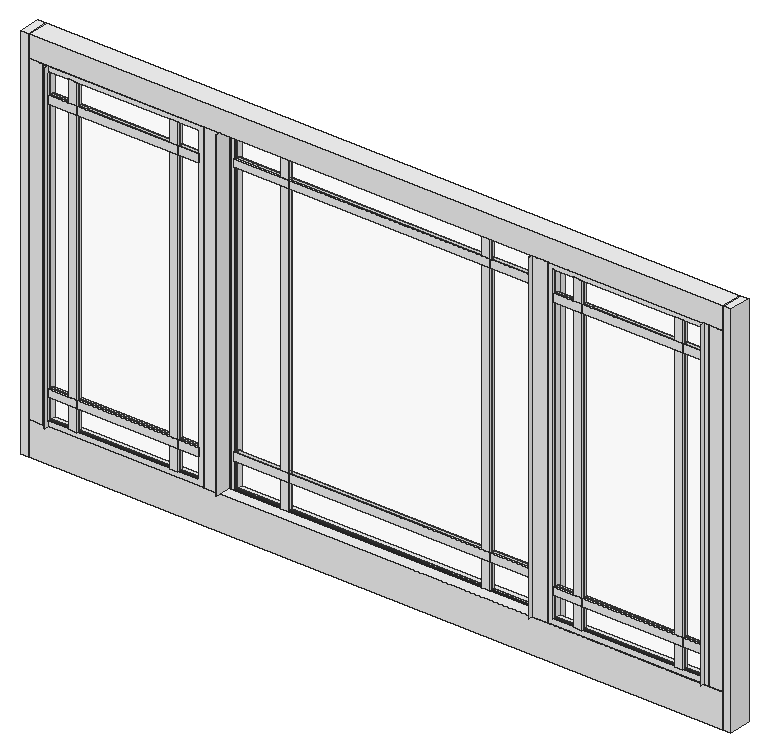
Revit family "Horizontal_Roller-PGT-Aluminum-HR710-XOX-Unequald", category Windows, host Wall, Revit 2015
Parameters (values of type "Refer to Type Catalog")
  Width Calc Center = Width - (Width Calc + 6.755") * 2  # 38.245"
  Width Calc = if(Equal Spacing, (Width - 13.51") / 3, (Width - 13.51") / 4)  # 19.1225"
  URL = "http://www.pgtindustries.com/"
  Type Comments = "XOX - Unequal"  # constant formula
  Rough Width = Width  # 90"
  Rough Height = Height  # 48"
  Product Style Guide = "http://www.pgtindustries.com/pro-zone/architect/download?destination=node/97061"
  Product Page URL = "http://www.pgtindustries.com/product-overview/horizontal-roller-hr710-winguardr-aluminum-horizontal-roller-impact-resistant"
  Model = "HR710"  # constant formula
  Minimum Size = "66 3/4” x 14 5/8” OR 42” x 20 13/16”"  # constant formula
  Maximum Size = "111” x 63”"  # constant formula
  Manufacturer = "PGT Industries"  # constant formula
  Height Calc Center = Height - 7.058"  # 40.942"
  Height Calc = Height - 8.308"  # 39.692"
  Height = 48"
  Grid Type Right = Face_Based_Mullion_ 401 : BP
  Grid Type Left = Face_Based_Mullion_ 401 : BP
  Grid Type = Face_Based_Mullion_ 401 : BP
  Grid Layout Note = "To edit the grid layout ensure the 'Grid' parameter is turned on and then select an option from the 'Grid Type', 'Grid Type Left' & 'Grid Type Right' drop downs.  Please refer to the 'Product Style Guide' for standard configurations and restrictions."  # constant formula
  Grid = yes
  Finish = Metal - PGT - Paint - White
  Equal Spacing = no
  Description = "Horizontal Roller"  # constant formula
  Default Sill Height = 36"
  Wall Closure = By host
  Width = 90"
  Custom Design Note = "The types included show default grid/size configurations.  Please reference the 'Product Style Guide' to see all standard configurations and restrictions before creating custom designs.  Please contact PGT Industries with any questions regarding custom designs."  # constant formula
  Color Glass = Glass - PGT - Clear
  BP Calc Center = Width Calc / 6 + 5/8"  # 3.81208"
  BP Calc = Width Calc / 6  # 3.18708"
  Assembly Code = "B2020110"
  Analytic Construction = "<None>"
Reference planes (in)
  plane 1 "Center (Front/Back)": y = 0
  plane 2: z = 0
  plane 3 "Center (Left/Right)": x = 0
  plane 4 "Left": x = -45
  plane 5 "Right": x = 45
  plane 6 "Sill": z = 36
  plane 7 "Top": z = 84
  plane 8: x = 42.161
  plane 9: x = -19.1225
  plane 10: x = 21.7885
  plane 11: x = 19.1225
  plane 12: z = 82.001
  plane 13: z = 81.25
  plane 14: z = 40.308
  plane 15: z = 39.652
  plane 16 "Exterior Face of Wall": y = 3
  plane 17 "Exteior Face of Window": y = 3.062
  plane 18 "Interior Face of Window": y = 0.352
  plane 19: y = 0.414
  plane 20: x = 43.963
  plane 21: x = -19.7475
  plane 22: x = 22.4135
  plane 23: x = 19.7475
  plane 24: x = -42.161
  plane 25: x = -43.963
  plane 26: x = -21.7885
  plane 27: x = -22.4135
  plane 28: x = 41.536
  plane 29: x = -41.536
  plane 30: z = 40.933
  plane 31: z = 80.625
  plane 32: z = 81.875
  plane 33 "Exterior Face of Glass RL": y = 0.68949
  plane 34 "Exterior Face of Glass Center": y = 2.353
  plane 35: x = -31.97475
  plane 36: x = 31.97475
  plane 37: z = 60.779
  plane 38: y = -0.148
Forms (in)
  Sweep 1, solid, material "Metal - PGT - Paint - White" <- "Finish"
    path origin (0, 3, 0) x (-1, 0, 0) y (0, 0, 1)
      loop
        line (-19.1225, 81.25) -> (-19.1225, 40.308) -> (19.1225, 40.308) -> (19.1225, 81.25) -> (-19.1225, 81.25)
    profile "Profile-Sash : Profile-Sash" origin (0, 3, 81.25) x (0, 0, 1) y (0, 1, 0)
      loop
        line (0, 0) -> (0, -0.647) -> (0.503, -0.647) -> (0.503, -1.048) -> (0, -1.048) -> (0, -1.12299) -> (0.625, -1.12299) -> (0.625, 0) -> (0, 0)
  Sweep 2, solid, material "Metal - PGT - Paint - White" <- "Finish"
    path origin (-86.82032, 0.414, 48) x (-1, 0, 0) y (0, 0, 1)
      loop
        line (-108.60882, 33.25) -> (-128.98132, 33.25) -> (-128.98132, -7.692) -> (-108.60882, -7.692) -> (-108.60882, 33.25)
    profile "Profile-Sash_Inside : Profile-Sash_Inside" origin (31.97475, 0.414, 81.25) x (0, 0, -1) y (0, 1, 0)
      loop
        line (0.625, 1.12299) -> (0, 1.12299) -> (0, 0) -> (0.625, 0) -> (0.625, 0.07499) -> (0.122, 0.07499) -> (0.122, 0.47599) -> (0.625, 0.47599) -> (0.625, 1.12299)
  Extrusion 3, solid, material "Glass - PGT - Clear" <- "Color Glass"
    sketch origin (21.7885, 9, -12) x (0, 0, -1) y (0, 1, 0)
      loop
        line (-92.625, -8.51101) -> (-52.933, -8.51101) -> (-52.933, -8.38601) -> (-92.625, -8.38601) -> (-92.625, -8.51101)
      loop
        line (-52.933, -8.11001) -> (-92.625, -8.11001) -> (-92.625, -8.23501) -> (-52.933, -8.23501) -> (-52.933, -8.11001)
    from 0.625 to 19.7475
  Extrusion 4, solid, material "Metal - PGT - Paint - White" <- "Finish"
    sketch origin (0, 0, 36) x (0, -1, 0) y (1, 0, 0)
      loop
        line (-3.062, 45) -> (-3.062, 43.963) -> (-0.352, 43.963) -> (-0.352, 45) -> (-3.062, 45)
      loop
        line (-3.062, -45) -> (-0.352, -45) -> (-0.352, -43.963) -> (-3.062, -43.963) -> (-3.062, -45)
    from 0 to 48
  Extrusion 5, solid, material "Glass - PGT - Clear" <- "Color Glass"
    sketch origin (-19.1225, 9, 156) x (0, 0, 1) y (0, 1, 0)
      loop
        line (-74.75, -7.048) -> (-74.75, -6.923) -> (-115.692, -6.923) -> (-115.692, -7.048) -> (-74.75, -7.048)
      loop
        line (-74.75, -6.647) -> (-115.692, -6.647) -> (-115.692, -6.772) -> (-74.75, -6.772) -> (-74.75, -6.647)
    from 0 to -38.245
  Extrusion 6, solid, material "Metal - PGT - Paint - White" <- "Finish"
    sketch origin (0, 0, 0) x (0, 1, 0) y (0, 0, 1)
      loop
        line (3.062, 84) -> (0.352, 84) -> (0.352, 81.25) -> (1.87701, 81.25) -> (1.87701, 81.875) -> (3.062, 81.875) -> (3.062, 84)
    from -43.963 to 43.963
  Extrusion 7, solid, material "Metal - PGT - Paint - White" <- "Finish"
    sketch origin (0, 0, 0) x (0, 1, 0) y (0, 0, 1)
      loop
        line (0.352, 36) -> (3.062, 36) -> (3.062, 39.683) -> (1.87701, 39.683) -> (1.87701, 40.308) -> (0.352, 40.308) -> (0.352, 36)
    from -43.963 to 43.963
  Extrusion 8, solid, material "Metal - PGT - Paint - White" <- "Finish"
    sketch origin (0, 0, 36) x (0, -1, 0) y (1, 0, 0)
      loop
        line (-3.062, 21.7885) -> (-3.062, 19.7475) -> (-1.87701, 19.7475) -> (-1.87701, 21.7885) -> (-3.062, 21.7885)
    from 3.683 to 45.875
  Extrusion 9, solid, material "Metal - PGT - Paint - White" <- "Finish"
    sketch origin (0, 0, 36) x (0, -1, 0) y (1, 0, 0)
      loop
        line (-1.87701, 19.7475) -> (0.148, 19.7475) -> (0.148, 19.8075) -> (-0.352, 19.8075) -> (-0.352, 21.7885) -> (-1.87701, 21.7885) -> (-1.87701, 19.7475)
      loop
        line (-1.87701, 43.963) -> (-1.87701, 42.50102)
        arc (-1.87701, 42.50102) -> (-1.77742, 42.26059) -> (-1.53699, 42.161) r 0.34002
        line (-1.53699, 42.161) -> (-0.414, 42.161) -> (-0.414, 41.536) -> (0.148, 41.536) -> (0.148, 41.596) -> (-0.352, 41.596) -> (-0.352, 43.963) -> (-1.87701, 43.963)
    from 4.308 to 45.25
  Sweep 10, solid, material "Metal - PGT - Paint - White" <- "Finish"
    path origin (86.82032, 0.414, 48) x (1, 0, 0) y (0, 0, -1)
      loop
        line (-108.60882, -33.25) -> (-108.60882, 7.692) -> (-128.98132, 7.692) -> (-128.98132, -33.25) -> (-108.60882, -33.25)
    profile "Profile-Sash_Inside : Profile-Sash_Inside" origin (-31.97475, 0.414, 81.25) x (0, 0, 1) y (0, 1, 0)
      loop
        line (-0.625, 1.12299) -> (-0.625, 0.47599) -> (-0.122, 0.47599) -> (-0.122, 0.07499) -> (-0.625, 0.07499) -> (-0.625, 0) -> (0, 0) -> (0, 1.12299) -> (-0.625, 1.12299)
  Extrusion 11, solid, material "Metal - PGT - Paint - White" <- "Finish"
    sketch origin (0, 0, 36) x (0, -1, 0) y (1, 0, 0)
      loop
        line (-3.062, -21.7885) -> (-1.87701, -21.7885) -> (-1.87701, -19.7475) -> (-3.062, -19.7475) -> (-3.062, -21.7885)
    from 3.683 to 45.875
  Extrusion 12, solid, material "Metal - PGT - Paint - White" <- "Finish"
    sketch origin (0, 0, 36) x (0, -1, 0) y (1, 0, 0)
      loop
        line (-1.87701, -19.7475) -> (-1.87701, -21.7885) -> (-0.352, -21.7885) -> (-0.352, -19.8075) -> (0.148, -19.8075) -> (0.148, -19.7475) -> (-1.87701, -19.7475)
      loop
        line (-1.87701, -43.963) -> (-0.352, -43.963) -> (-0.352, -41.596) -> (0.148, -41.596) -> (0.148, -41.536) -> (-0.414, -41.536) -> (-0.414, -42.161) -> (-1.53699, -42.161)
        arc (-1.53699, -42.161) -> (-1.77742, -42.26059) -> (-1.87701, -42.50102) r 0.34002
        line (-1.87701, -42.50102) -> (-1.87701, -43.963)
    from 4.308 to 45.25
  Extrusion 13, solid, material "Glass - PGT - Clear" <- "Color Glass"
    sketch origin (-12.41433, 9, -12) x (0, 0, -1) y (0, -1, 0)
      loop
        line (-92.625, 8.51101) -> (-92.625, 8.38601) -> (-52.933, 8.38601) -> (-52.933, 8.51101) -> (-92.625, 8.51101)
      loop
        line (-52.933, 8.11001) -> (-52.933, 8.23501) -> (-92.625, 8.23501) -> (-92.625, 8.11001) -> (-52.933, 8.11001)
    from 9.99917 to 29.12167
Lines and regions (in)
  Opening 1
    outline origin (-60, -3, 0) x (1, 0, 0) y (0, 0, 1)
      loop
        line (15, 84) -> (15, 36) -> (105, 36) -> (105, 84) -> (15, 84)
  Masking region 1
    outline origin (0, 0, 36) x (0, -1, 0) y (1, 0, 0)
      loop
        line (-3.062, -45) -> (-0.352, -45) -> (-0.352, 45) -> (-3.062, 45) -> (-3.062, -45)
  Split face 1
    outline origin (0, 1.812, 40.308) x (0, -1, 0) y (1, 0, 0)
      loop
        line (0.27501, -43.963) -> (0.27501, 43.963)
  Split face 2
    outline origin (21.7885, 0.352, 36) x (0, 1, 0) y (0, 0, 1)
      loop
        line (1.18486, 4.308) -> (1.18486, 45.25)
  Split face 3
    outline origin (0, 1.812, 40.308) x (0, -1, 0) y (1, 0, 0)
      loop
        line (0.27501, -19.7475) -> (-0.06501, -19.7475) -> (-0.06501, 19.7475) -> (0.27501, 19.7475)
Text (in)
  text "EXTERIOR" at (-58.6888, 50.90694, 0), in view "Ref. Level"
  text "INTERIOR" at (-58.6888, -37.76638, 0), in view "Ref. Level"
  text "Exterior" at (0, 43.65631, 123.19604), in view "Left"
  text "Exterior" at (0, 18.29385, 125.04747), in view "Right"
Dimensions and locks (in)
  equal spacing: plane 4 "Left", plane 3 "Center (Left/Right)", plane 5 "Right"
  "Width": plane 4 "Left" to plane 5 "Right"
  "Height": plane 6 "Sill" to plane 7 "Top"
  "Default Sill Height": plane 2 to plane 6 "Sill"
  locked: plane 8 to plane 5 "Right" at 2.839
  locked: plane 13 to plane 7 "Top" at 2.75
  locked: plane 13 to plane 12 at 0.751
  locked: plane 6 "Sill" to plane 14 at 4.308
  plane 15 to plane 14 = 0.656"
  locked: plane 17 "Exteior Face of Window" to plane 16 "Exterior Face of Wall" at 0.062
  locked: plane 17 "Exteior Face of Window" to plane 18 "Interior Face of Window" at 2.71
  locked: plane 19 to plane 18 "Interior Face of Window" at 0.062
  locked: plane 10 to plane 11 at 2.666
  locked: plane 20 to plane 5 "Right" at 1.037
  locked: plane 22 to plane 10 at 0.625
  locked: plane 21 to plane 9 at 0.625
  locked: plane 23 to plane 11 at 0.625
  locked: plane 27 to plane 26 at 0.625
  locked: plane 24 to plane 4 "Left" at 2.839
  locked: plane 25 to plane 4 "Left" at 1.037
  locked: plane 28 to plane 8 at 0.625
  locked: plane 29 to plane 24 at 0.625
  locked: plane 26 to plane 9 at 2.666
  "Width Calc": plane 22 to plane 28
  "Width Calc": plane 29 to plane 27
  locked: plane 31 to plane 13 at 0.625
  locked: plane 14 to plane 30 at 0.625
  locked: plane 32 to plane 12 at 0.126
  plane 17 "Exteior Face of Window" to plane 34 "Exterior Face of Glass Center" to plane 33 "Exterior Face of Glass RL" = 0.709" locked, 1.66351" locked
  equal spacing: plane 22, plane 36, plane 28
  equal spacing: plane 29, plane 35, plane 27
  equal spacing: plane 30, plane 37, plane 31
  locked: plane 18 "Interior Face of Window" to plane 38 at 0.5
  aligned and locked: plane 7 "Top" to Opening 1 sketch curve
  aligned and locked: plane 6 "Sill" to Opening 1 sketch curve  (x2)
  aligned and locked: plane 5 "Right" to Opening 1 sketch curve
  aligned and locked: plane 4 "Left" to Opening 1 sketch curve
  aligned and locked: level to plane 2
  aligned and locked: plane 16 "Exterior Face of Wall" to host wall
  aligned and locked: plane 13 to Sweep 1 sketch curve
  aligned and locked: Sweep 1 sketch curve to plane 11
  aligned and locked: Sweep 1 sketch curve to plane 14
  aligned and locked: Sweep 1 sketch curve to plane 9
  aligned and locked: Sweep 2 sketch curve to plane 13
  aligned and locked: Sweep 2 sketch curve to plane 10
  aligned and locked: plane 14 to Sweep 2 sketch curve
  aligned and locked: Sweep 2 sketch curve to plane 8
  aligned and locked: Sweep 2 to Extrusion 3 sketch curve  (x4)
  aligned and locked: Extrusion 4 sketch curve to plane 17 "Exteior Face of Window"
  aligned and locked: plane 5 "Right" to Extrusion 4 sketch curve
  aligned and locked: plane 18 "Interior Face of Window" to Extrusion 4 sketch curve
  aligned and locked: Extrusion 4 sketch curve to plane 20
  aligned and locked: plane 17 "Exteior Face of Window" to Extrusion 4 sketch curve
  aligned and locked: Extrusion 4 sketch curve to plane 18 "Interior Face of Window"
  aligned and locked: Extrusion 5 sketch curve to Sweep 1  (x2)
  aligned and locked: plane 14 to Extrusion 5 sketch curve
  aligned and locked: Sweep 1 to Extrusion 5 sketch curve  (x2)
  aligned and locked: Extrusion 5 sketch curve to plane 14
  aligned and locked: plane 11 to Extrusion 5
  aligned and locked: Extrusion 3 to Sweep 2  (x3)
  aligned and locked: Extrusion 6 sketch curve to Sweep 1  (x2)
  aligned and locked: plane 7 "Top" to Extrusion 6 sketch curve
  aligned and locked: Extrusion 6 sketch curve to plane 17 "Exteior Face of Window"
  aligned and locked: plane 18 "Interior Face of Window" to Extrusion 6 sketch curve
  aligned and locked: Extrusion 6 sketch curve to plane 13
  aligned and locked: Extrusion 6 to plane 20
  aligned and locked: plane 6 "Sill" to Extrusion 7 sketch curve
  aligned and locked: plane 17 "Exteior Face of Window" to Extrusion 7 sketch curve
  aligned and locked: plane 14 to Extrusion 7 sketch curve
  aligned and locked: Extrusion 7 sketch curve to plane 18 "Interior Face of Window"
  aligned and locked: Extrusion 7 to plane 20
  aligned and locked: Extrusion 7 sketch curve to Sweep 1  (x2)
  aligned and locked: Extrusion 8 sketch curve to Extrusion 7
  aligned and locked: Extrusion 8 sketch curve to Sweep 1
  aligned and locked: plane 10 to Extrusion 8 sketch curve
  aligned and locked: plane 17 "Exteior Face of Window" to Extrusion 8 sketch curve
  aligned and locked: Extrusion 8 to Extrusion 7
  aligned and locked: plane 8 to Extrusion 9
  aligned and locked: Extrusion 9 to plane 20
  aligned and locked: plane 14 to Extrusion 9
  aligned and locked: plane 4 "Left" to Extrusion 4
  aligned and locked: plane 25 to Extrusion 4
  aligned and locked: Extrusion 7 to plane 25
  aligned and locked: Extrusion 6 to plane 25
  aligned and locked: Extrusion 11 to plane 21
  aligned and locked: plane 30 to Extrusion 13
  aligned and locked: Extrusion 13 to plane 31
  aligned and locked: Extrusion 4 to plane 7 "Top"
  aligned and locked: Extrusion 13 to plane 27
  aligned and locked: Extrusion 12 to plane 13
  aligned and locked: Extrusion 13 to plane 29
  aligned and locked: plane 4 "Left" to Masking region 1
  aligned and locked: plane 17 "Exteior Face of Window" to Extrusion 4
  aligned and locked: Extrusion 4 to plane 18 "Interior Face of Window"
  aligned and locked: Extrusion 9 to plane 13
  aligned and locked: Extrusion 11 to plane 32
  aligned and locked: Extrusion 8 to plane 32
  aligned and locked: nested 1 to plane 3 "Center (Left/Right)"
  aligned and locked: plane 17 "Exteior Face of Window" to nested 1
  aligned and locked: plane 36 to nested 2
  aligned and locked: plane 37 to nested 2
  aligned and locked: nested 3 to plane 3 "Center (Left/Right)"
  aligned and locked: plane 35 to nested 4
  aligned and locked: plane 37 to nested 4
  aligned and locked: plane 3 "Center (Left/Right)" to nested 3
  aligned and locked: plane 37 to nested 3
  aligned and locked: plane 38 to Extrusion 9
  aligned and locked: Extrusion 9 to plane 38
  aligned and locked: Extrusion 12 to plane 38  (x2)
  aligned and locked: plane 25 to Split face 1 sketch curve
  aligned and locked: plane 20 to Split face 1 sketch curve
  aligned and locked: plane 13 to Split face 2 sketch curve
  aligned and locked: plane 14 to Split face 2 sketch curve
  aligned and locked: Split face 3 sketch curve to plane 23
  aligned and locked: Split face 3 sketch curve to plane 21
Automatic sketch dimensions
  Extrusion 5 sketch curve to Extrusion 5 sketch curve = 1/8"  (x2)
  plane 31 to Extrusion 3 sketch curve = 0"
  plane 30 to Extrusion 3 sketch curve = 0"
  Extrusion 3 sketch curve to Extrusion 3 sketch curve = 1/8"  (x2)
  Extrusion 4 sketch curve to plane 4 "Left" = 0"
  Extrusion 4 sketch curve to plane 25 = 0"
  Extrusion 9 sketch curve to plane 23 = 0"
  Extrusion 9 sketch curve to plane 20 = 0"
  Extrusion 9 sketch curve to plane 10 = 0"
  Extrusion 9 sketch curve to plane 8 = 0"
  Extrusion 9 sketch curve to plane 19 = 0"
  Extrusion 9 sketch curve to plane 18 "Interior Face of Window" = 0"  (x2)
  Extrusion 9 sketch curve to plane 28 = 0"
  plane 19 to Extrusion 9 sketch curve = 1.12299"
  Extrusion 9 sketch curve to host wall = 1.12299"  (x2)
  host wall to Extrusion 9 sketch curve = 0.148"  (x2)
  plane 23 to Extrusion 9 sketch curve = 0.06"
  Extrusion 9 sketch curve to Extrusion 9 sketch curve = 0.06"
  Masking region 1 sketch curve to plane 5 "Right" = 0"
  Masking region 1 sketch curve to plane 17 "Exteior Face of Window" = 0"
  Masking region 1 sketch curve to plane 18 "Interior Face of Window" = 0"
  Masking region 1 sketch curve to plane 29 = 3.464"
  Sweep 10 sketch curve to plane 13 = 0"
  Sweep 10 sketch curve to plane 24 = 0"
  Sweep 10 sketch curve to plane 14 = 0"
  plane 26 to Sweep 10 sketch curve = 0"
  Extrusion 11 sketch curve to plane 17 "Exteior Face of Window" = 0"
  Extrusion 11 sketch curve to plane 26 = 0"
  Extrusion 11 sketch curve to plane 21 = 0"
  host wall to Extrusion 11 sketch curve = 1.12299"
  Extrusion 12 sketch curve to plane 21 = 0"
  Extrusion 12 sketch curve to plane 25 = 0"
  Extrusion 12 sketch curve to plane 26 = 0"
  Extrusion 12 sketch curve to plane 24 = 0"
  Extrusion 12 sketch curve to plane 19 = 0"
  Extrusion 12 sketch curve to plane 18 "Interior Face of Window" = 0"  (x2)
  Extrusion 12 sketch curve to plane 29 = 0"
  Extrusion 12 sketch curve to Extrusion 12 sketch curve = 1.12299"
  host wall to Extrusion 12 sketch curve = 1.12299"  (x2)
  Extrusion 12 sketch curve to host wall = 0.148"  (x2)
  Extrusion 12 sketch curve to plane 21 = 0.06"
  plane 29 to Extrusion 12 sketch curve = 0.06"
  plane 31 to Extrusion 13 sketch curve = 0"  (x2)
  plane 30 to Extrusion 13 sketch curve = 0"  (x2)
  plane 19 to Extrusion 13 sketch curve = 0.47599"
  Extrusion 13 sketch curve to Extrusion 13 sketch curve = 1/8"
  Extrusion 13 sketch curve to Extrusion 13 sketch curve = 0.151"
  plane 19 to Extrusion 13 sketch curve = 0.07499"
  Split face 1 sketch curve to Extrusion 7 = 0.34002"
  Split face 2 sketch curve to Extrusion 9 = 0.34016"
  Split face 3 sketch curve to Extrusion 7 = 0"
  Split face 3 sketch curve to Extrusion 7 = 0.34002"  (x2)
Nested families (in)
  nested 1: "HR710 XOX" at (0, 3.062, 36) x (1, 0, 0) z (0, 0, -1), type "Plan2d"
    with Width Calc RL 19.12207", Width 90", Equal Spacing no
  nested 2: "Face_Based_Mullion_ 401" at (31.97475, 0.88999, 60.779) x (-1, 0, 0) z (0, 1, 0), Width <- "Width Calc", BP Offset <- "BP Calc", Height <- "Height Calc", type <- "Grid Type Left", visible <- "Grid", type "BP"
    with Width 19.1225", Height 39.692", BP Offset 3.18708", Glass Thickness 103/256"
  nested 3: "Face_Based_Mullion_ 401" at (0, 2.353, 60.779) x (-1, 0, 0) z (0, 1, 0), Width <- "Width Calc Center", BP Offset <- "BP Calc Center", Height <- "Height Calc Center", type <- "Grid Type", visible <- "Grid", type "BP"
    with Width 38.245", Height 40.942", BP Offset 3.81208", Glass Thickness 103/256"
  nested 4: "Face_Based_Mullion_ 401" at (-31.97475, 0.88999, 60.779) x (-1, 0, 0) z (0, 1, 0), Width <- "Width Calc", BP Offset <- "BP Calc", Height <- "Height Calc", type <- "Grid Type Right", visible <- "Grid", type "BP"
    with Width 19.1225", Height 39.692", BP Offset 3.18708", Glass Thickness 103/256"
Definition of nested family "Face_Based_Mullion_ 401"
  Parameters (values of type "1C4R")
    Width [instance] = 60"
    Mullion Interior = none
    Mullion = none
    Height [instance] = 60"
    Glass Thickness = 87/256"
    Default Elevation = 48"
    BP Offset [instance] = 4.57143"
    BPT = no
    BPR = no
    BPL = no
    BPB = no
    7R = no
    6R = no
    5R = no
    4R = yes
    4C = no
    3R = no
    3C = no
    2R = no
    2C = no
  Types (13): name | BPT | BPR | BPL | BPB | 4R | 4C | 3R | 2R | 2C
    2C2R | no | no | no | no | no | no | no | yes | yes
    2C3R | no | no | no | no | no | no | yes | no | yes
    2C4R | no | no | no | no | yes | no | no | no | yes
    BP | yes | yes | yes | yes | no | no | no | no | no
    4C4R | no | no | no | no | yes | yes | no | no | no
    BPTB | yes | no | no | yes | no | no | no | no | no
    BPR | yes | yes | no | yes | no | no | no | no | no
    BPL | yes | no | yes | yes | no | no | no | no | no
    4C3R | no | no | no | no | no | yes | yes | no | no
    4C2R | no | no | no | no | no | yes | no | yes | no
    1C4R | no | no | no | no | yes | no | no | no | no
    1C3R | no | no | no | no | no | no | yes | no | no
    1C2R | no | no | no | no | no | no | no | yes | no
  Reference planes (in)
    plane 1 "Center (Front/Back)": y = 0
    plane 2: z = 0
    plane 3 "Center (Left/Right)": x = 0
    plane 4: x = -30
    plane 5: x = 30
    plane 6: y = 30
    plane 7: y = -30
    plane 8: y = 10
    plane 9: y = -10
    plane 10: y = 20
    plane 11: y = -20
    plane 12: x = -10
    plane 13: x = 10
    plane 14: y = 15
    plane 15: y = -15
    plane 16: y = 18
    plane 17: y = 6
    plane 18: y = -6
    plane 19: y = -18
    plane 20: y = -21.42857
    plane 21: y = -12.85714
    plane 22: y = -4.28571
    plane 23: y = 21.42857
    plane 24: y = 12.85714
    plane 25: y = 4.28571
    plane 26: x = -20
    plane 27: x = 20
    plane 28: y = 25.42857
    plane 29: y = -25.42857
    plane 30: x = -15
    plane 31: x = 15
  Forms (in)
    Extrusion 1, solid
      sketch origin (0, 0, 0) x (1, 0, 0) y (0, 1, 0)
        loop
          line (-48, 48) -> (-48, -48) -> (48, -48) -> (48, 48) -> (-48, 48)
      from 0 to -12
  Lines and regions (in)
    model lines, visible <- "5R", detail levels coarse
      curve 1: line (-30, -18, 0) -> (30, -18, 0)
      curve 2: line (30, -6, 0) -> (-30, -6, 0)
      curve 3: line (30, 6, 0) -> (-30, 6, 0)
      curve 4: line (30, 18, 0) -> (-30, 18, 0)
    model lines, visible <- "2C", detail levels coarse
      curve 5: line (0, 30, 0) -> (0, -30, 0)
      curve 31: line (0, 30, 0) -> (0, -30, 0)
    model lines, visible <- "3C", detail levels coarse
      curve 6: line (-10, 30, 0) -> (-10, -30, 0)
      curve 7: line (10, 30, 0) -> (10, -30, 0)
    model lines, visible <- "6R", detail levels coarse
      curve 8: line (-30, 20, 0) -> (30, 20, 0)
      curve 9: line (-30, 10, 0) -> (30, 10, 0)
      curve 10: line (-30, 0, 0) -> (30, 0, 0)
      curve 11: line (-30, -10, 0) -> (30, -10, 0)
      curve 12: line (-30, -20, 0) -> (30, -20, 0)
    model lines, visible <- "4R", detail levels coarse
      curve 13: line (30, 15, 0) -> (-30, 15, 0)
      curve 14: line (30, 0, 0) -> (-30, 0, 0)
      curve 15: line (30, -15, 0) -> (-30, -15, 0)
    model lines, visible <- "7R", detail levels coarse
      curve 16: line (-30, 21.42857, 0) -> (30, 21.42857, 0)
      curve 17: line (30, 12.85714, 0) -> (-30, 12.85714, 0)
      curve 18: line (30, 4.28571, 0) -> (-30, 4.28571, 0)
      curve 19: line (30, -4.28571, 0) -> (-30, -4.28571, 0)
      curve 20: line (30, -12.85714, 0) -> (-30, -12.85714, 0)
      curve 21: line (30, -21.42857, 0) -> (-30, -21.42857, 0)
    model lines, visible <- "BPL", detail levels coarse
      curve 22: line (-20, 30, 0) -> (-20, -30, 0)
    model lines, visible <- "BPR", detail levels coarse
      curve 23: line (20, 30, 0) -> (20, -30, 0)
    model lines, visible <- "2R", detail levels coarse
      curve 24: line (-30, 0, 0) -> (30, 0, 0)
    model lines, visible <- "3R", detail levels coarse
      curve 25: line (-30, 10, 0) -> (30, 10, 0)
      curve 26: line (-30, -10, 0) -> (30, -10, 0)
    model lines, visible <- "BPB", detail levels coarse
      curve 27: line (-30, -25.42857, 0) -> (30, -25.42857, 0)
    model lines, visible <- "BPT", detail levels coarse
      curve 28: line (-30, 25.42857, 0) -> (30, 25.42857, 0)
    model lines, visible <- "4C", detail levels coarse
      curve 29: line (-15, 30, 0) -> (-15, -30, 0)
      curve 30: line (15, 30, 0) -> (15, -30, 0)
  Dimensions and locks (in)
    equal spacing: plane 6, plane 10, plane 8, plane 1 "Center (Front/Back)", plane 9, plane 11, plane 7
    equal spacing: plane 6, plane 14, plane 1 "Center (Front/Back)"
    equal spacing: plane 7, plane 15, plane 1 "Center (Front/Back)"
    equal spacing: plane 6, plane 16, plane 17, plane 18, plane 19, plane 7
    "Width": plane 4 to plane 5
    "Height": plane 6 to plane 7
    equal spacing: plane 6, plane 23, plane 24, plane 25, plane 22, plane 21, plane 20, plane 7
    equal spacing: plane 4, plane 26, plane 12, plane 3 "Center (Left/Right)", plane 13, plane 27, plane 5
    "BP Offset": plane 7 to plane 29
    "BP Offset": plane 6 to plane 28
    equal spacing: plane 4, plane 30, plane 3 "Center (Left/Right)"
    equal spacing: plane 3 "Center (Left/Right)", plane 31, plane 5
    aligned and locked: plane 2 to Extrusion 1
    aligned and locked: level to Extrusion 1
    aligned and locked: plane 4 to curve 1
    aligned and locked: curve 1 to plane 19
    aligned and locked: plane 18 to curve 2
    aligned and locked: plane 5 to curve 3
    aligned and locked: plane 17 to curve 3
    aligned and locked: plane 5 to curve 4
    aligned and locked: plane 16 to curve 4
    aligned and locked: plane 6 to curve 5
    aligned and locked: curve 5 to plane 3 "Center (Left/Right)"
    aligned and locked: plane 13 to curve 7
    aligned and locked: plane 4 to curve 8
    aligned and locked: curve 8 to plane 10
    aligned and locked: plane 4 to curve 9
    aligned and locked: curve 9 to plane 8
    aligned and locked: plane 4 to curve 10
    aligned and locked: plane 1 "Center (Front/Back)" to curve 10
    aligned and locked: plane 4 to curve 11
    aligned and locked: curve 11 to plane 9
    aligned and locked: plane 4 to curve 12
    aligned and locked: curve 12 to plane 11
    aligned and locked: plane 5 to curve 13
    aligned and locked: curve 13 to plane 14
    aligned and locked: plane 5 to curve 14
    aligned and locked: curve 14 to plane 1 "Center (Front/Back)"
    aligned and locked: plane 5 to curve 15
    aligned and locked: plane 15 to curve 15
    aligned and locked: plane 4 to curve 16
    aligned and locked: curve 16 to plane 23
    aligned and locked: plane 5 to curve 17
    aligned and locked: plane 24 to curve 17
    aligned and locked: plane 5 to curve 18
    aligned and locked: plane 25 to curve 18
    aligned and locked: plane 5 to curve 19
    aligned and locked: plane 22 to curve 19
    aligned and locked: plane 5 to curve 20
    aligned and locked: plane 21 to curve 20
    aligned and locked: plane 5 to curve 21
    aligned and locked: plane 20 to curve 21
    aligned and locked: plane 6 to curve 22
    aligned and locked: curve 22 to plane 26
    aligned and locked: plane 6 to curve 23
    aligned and locked: curve 23 to plane 27
    aligned and locked: plane 4 to curve 24
    aligned and locked: plane 1 "Center (Front/Back)" to curve 24
    aligned and locked: plane 4 to curve 25
    aligned and locked: curve 25 to plane 8
    aligned and locked: plane 4 to curve 26
    aligned and locked: curve 26 to plane 9
    aligned and locked: plane 4 to curve 27
    aligned and locked: plane 29 to curve 27
    aligned and locked: plane 4 to curve 28
    aligned and locked: plane 5 to curve 28
    aligned and locked: curve 28 to plane 28
    aligned and locked: nested 2 to plane 1 "Center (Front/Back)"
    aligned and locked: plane 3 "Center (Left/Right)" to nested 1
    aligned and locked: plane 8 to nested 4
    aligned and locked: plane 9 to nested 3
    aligned and locked: plane 3 "Center (Left/Right)" to nested 3
    aligned and locked: plane 3 "Center (Left/Right)" to nested 4
    aligned and locked: plane 12 to nested 5
    aligned and locked: nested 6 to plane 13
    aligned and locked: plane 1 "Center (Front/Back)" to nested 5
    aligned and locked: plane 1 "Center (Front/Back)" to nested 6
    aligned and locked: nested 7 to plane 14
    aligned and locked: plane 3 "Center (Left/Right)" to nested 7
    aligned and locked: nested 8 to plane 1 "Center (Front/Back)"
    aligned and locked: plane 3 "Center (Left/Right)" to nested 8
    aligned and locked: plane 15 to nested 9
    aligned and locked: plane 3 "Center (Left/Right)" to nested 9
    aligned and locked: plane 19 to nested 13
    aligned and locked: plane 3 "Center (Left/Right)" to nested 13
    aligned and locked: plane 18 to nested 12
    aligned and locked: plane 3 "Center (Left/Right)" to nested 12
    aligned and locked: plane 17 to nested 11
    aligned and locked: plane 3 "Center (Left/Right)" to nested 11
    aligned and locked: plane 16 to nested 10
    aligned and locked: plane 3 "Center (Left/Right)" to nested 10
    aligned and locked: plane 10 to nested 18
    aligned and locked: plane 3 "Center (Left/Right)" to nested 18
    aligned and locked: plane 8 to nested 17
    aligned and locked: plane 3 "Center (Left/Right)" to nested 17
    aligned and locked: nested 16 to plane 1 "Center (Front/Back)"
    aligned and locked: plane 3 "Center (Left/Right)" to nested 16
    aligned and locked: plane 9 to nested 15
    aligned and locked: plane 3 "Center (Left/Right)" to nested 15
    aligned and locked: plane 11 to nested 14
    aligned and locked: plane 3 "Center (Left/Right)" to nested 14
    aligned and locked: plane 23 to nested 23
    aligned and locked: plane 3 "Center (Left/Right)" to nested 23
    aligned and locked: plane 24 to nested 22
    aligned and locked: plane 3 "Center (Left/Right)" to nested 22
    aligned and locked: plane 25 to nested 21
    aligned and locked: plane 3 "Center (Left/Right)" to nested 21
    aligned and locked: plane 21 to nested 20
    aligned and locked: plane 3 "Center (Left/Right)" to nested 20
    aligned and locked: plane 20 to nested 19
    aligned and locked: plane 3 "Center (Left/Right)" to nested 19
    aligned and locked: plane 22 to nested 24
    aligned and locked: plane 3 "Center (Left/Right)" to nested 24
    aligned and locked: plane 28 to nested 27
    aligned and locked: plane 3 "Center (Left/Right)" to nested 27
    aligned and locked: plane 27 to nested 26
    aligned and locked: plane 26 to nested 25
    aligned and locked: plane 1 "Center (Front/Back)" to nested 26
    aligned and locked: plane 1 "Center (Front/Back)" to nested 25
    aligned and locked: nested 28 to plane 29
    aligned and locked: plane 3 "Center (Left/Right)" to nested 28
    aligned and locked: curve 29 to plane 30
    aligned and locked: plane 6 to curve 29
    aligned and locked: plane 7 to curve 29
    aligned and locked: plane 6 to curve 30
    aligned and locked: curve 30 to plane 31
    aligned and locked: plane 30 to nested 30
    aligned and locked: plane 31 to nested 29
    aligned and locked: plane 1 "Center (Front/Back)" to nested 30
    aligned and locked: plane 1 "Center (Front/Back)" to nested 29
    aligned and locked: plane 6 to curve 31
    aligned and locked: curve 31 to plane 3 "Center (Left/Right)"
    aligned and locked: plane 3 "Center (Left/Right)" to nested 31
    aligned and locked: plane 1 "Center (Front/Back)" to nested 31
    aligned and locked: plane 6 to nested 31
    aligned and locked: plane 7 to nested 31
  Automatic sketch dimensions
    Extrusion 1 sketch curve to Extrusion 1 sketch curve = 96"  (x2)
    curve 15 to plane 4 = 0"
    curve 2 to plane 4 = 0"
    curve 18 to plane 4 = 0"
    curve 3 to plane 4 = 0"
    curve 4 to plane 4 = 0"
    curve 14 to plane 4 = 0"
    curve 19 to plane 4 = 0"
    curve 13 to plane 4 = 0"
    curve 20 to plane 4 = 0"
    curve 21 to plane 4 = 0"
    curve 17 to plane 4 = 0"
    curve 6 to plane 7 = 0"
    curve 6 to plane 12 = 0"
    curve 12 to plane 5 = 0"
    curve 11 to plane 5 = 0"
    curve 10 to plane 5 = 0"
    curve 24 to plane 5 = 0"
    curve 8 to plane 5 = 0"
    curve 25 to plane 5 = 0"
    curve 26 to plane 5 = 0"
    curve 27 to plane 5 = 0"
    curve 2 to plane 5 = 0"
    curve 9 to plane 5 = 0"
    curve 1 to plane 5 = 0"
    curve 16 to plane 5 = 0"
    curve 31 to plane 7 = 0"
    curve 7 to plane 7 = 0"
    curve 30 to plane 7 = 0"
    curve 5 to plane 7 = 0"
    curve 22 to plane 7 = 0"
    curve 23 to plane 7 = 0"
    curve 6 to plane 6 = 0"
    curve 7 to plane 6 = 0"
  Nested families (in)
    nested 1: "Mullion 1 Inch Spacing" at (0, 0, 0), visible <- "2C", Length <- "Height", type "Mullion", detail levels medium+fine
      with Length 60"
    nested 2: "Mullion 1 Inch Spacing" at (0, 0, 0) x (0, 1, 0) z (0, 0, 1), visible <- "2R", Length <- "Width", type "Mullion", detail levels medium+fine
      with Length 60"
    nested 3: "Mullion 1 Inch Spacing" at (0, -10, 0) x (0, 1, 0) z (0, 0, 1), visible <- "3R", Length <- "Width", type "Mullion", detail levels medium+fine
      with Length 60"
    nested 4: "Mullion 1 Inch Spacing" at (0, 10, 0) x (0, 1, 0) z (0, 0, 1), visible <- "3R", Length <- "Width", type "Mullion", detail levels medium+fine
      with Length 60"
    nested 5: "Mullion 1 Inch Spacing" at (-10, 0, 0), visible <- "3C", Length <- "Height", type "Mullion", detail levels medium+fine
      with Length 60"
    nested 6: "Mullion 1 Inch Spacing" at (10, 0, 0), visible <- "3C", Length <- "Height", type "Mullion", detail levels medium+fine
      with Length 60"
    nested 7: "Mullion 1 Inch Spacing" at (0, 15, 0) x (0, 1, 0) z (0, 0, 1), visible <- "4R", Length <- "Width", type "Mullion", detail levels medium+fine
      with Length 60"
    nested 8: "Mullion 1 Inch Spacing" at (0, 0, 0) x (0, 1, 0) z (0, 0, 1), visible <- "4R", Length <- "Width", type "Mullion", detail levels medium+fine
      with Length 60"
    nested 9: "Mullion 1 Inch Spacing" at (0, -15, 0) x (0, 1, 0) z (0, 0, 1), visible <- "4R", Length <- "Width", type "Mullion", detail levels medium+fine
      with Length 60"
    nested 10: "Mullion 1 Inch Spacing" at (0, 18, 0) x (0, 1, 0) z (0, 0, 1), Length <- "Width", visible <- "5R", type "Mullion", detail levels medium+fine
      with Length 60"
    nested 11: "Mullion 1 Inch Spacing" at (0, 6, 0) x (0, 1, 0) z (0, 0, 1), Length <- "Width", visible <- "5R", type "Mullion", detail levels medium+fine
      with Length 60"
    nested 12: "Mullion 1 Inch Spacing" at (0, -6, 0) x (0, 1, 0) z (0, 0, 1), Length <- "Width", visible <- "5R", type "Mullion", detail levels medium+fine
      with Length 60"
    nested 13: "Mullion 1 Inch Spacing" at (0, -18, 0) x (0, 1, 0) z (0, 0, 1), Length <- "Width", visible <- "5R", type "Mullion", detail levels medium+fine
      with Length 60"
    nested 14: "Mullion 1 Inch Spacing" at (0, -20, 0) x (0, 1, 0) z (0, 0, 1), visible <- "6R", Length <- "Width", type "Mullion", detail levels medium+fine
      with Length 60"
    nested 15: "Mullion 1 Inch Spacing" at (0, -10, 0) x (0, 1, 0) z (0, 0, 1), visible <- "6R", Length <- "Width", type "Mullion", detail levels medium+fine
      with Length 60"
    nested 16: "Mullion 1 Inch Spacing" at (0, 0, 0) x (0, 1, 0) z (0, 0, 1), visible <- "6R", Length <- "Width", type "Mullion", detail levels medium+fine
      with Length 60"
    nested 17: "Mullion 1 Inch Spacing" at (0, 10, 0) x (0, 1, 0) z (0, 0, 1), visible <- "6R", Length <- "Width", type "Mullion", detail levels medium+fine
      with Length 60"
    nested 18: "Mullion 1 Inch Spacing" at (0, 20, 0) x (0, 1, 0) z (0, 0, 1), visible <- "6R", Length <- "Width", type "Mullion", detail levels medium+fine
      with Length 60"
    nested 19: "Mullion 1 Inch Spacing" at (0, -21.42857, 0) x (0, 1, 0) z (0, 0, 1), visible <- "7R", Length <- "Width", type "Mullion", detail levels medium+fine
      with Length 60"
    nested 20: "Mullion 1 Inch Spacing" at (0, -12.85714, 0) x (0, 1, 0) z (0, 0, 1), visible <- "7R", Length <- "Width", type "Mullion", detail levels medium+fine
      with Length 60"
    nested 21: "Mullion 1 Inch Spacing" at (0, 4.28571, 0) x (0, 1, 0) z (0, 0, 1), visible <- "7R", Length <- "Width", type "Mullion", detail levels medium+fine
      with Length 60"
    nested 22: "Mullion 1 Inch Spacing" at (0, 12.85714, 0) x (0, 1, 0) z (0, 0, 1), visible <- "7R", Length <- "Width", type "Mullion", detail levels medium+fine
      with Length 60"
    nested 23: "Mullion 1 Inch Spacing" at (0, 21.42857, 0) x (0, 1, 0) z (0, 0, 1), visible <- "7R", Length <- "Width", type "Mullion", detail levels medium+fine
      with Length 60"
    nested 24: "Mullion 1 Inch Spacing" at (0, -4.28571, 0) x (0, 1, 0) z (0, 0, 1), visible <- "7R", Length <- "Width", type "Mullion", detail levels medium+fine
      with Length 60"
    nested 25: "Mullion 1 Inch Spacing" at (-20, 0, 0), Length <- "Height", visible <- "BPL", type "Mullion", detail levels medium+fine
      with Length 60"
    nested 26: "Mullion 1 Inch Spacing" at (20, 0, 0), Length <- "Height", visible <- "BPR", type "Mullion", detail levels medium+fine
      with Length 60"
    nested 27: "Mullion 1 Inch Spacing" at (0, 25.42857, 0) x (0, 1, 0) z (0, 0, 1), visible <- "BPT", Length <- "Width", type "Mullion", detail levels medium+fine
      with Length 60"
    nested 28: "Mullion 1 Inch Spacing" at (0, -25.42857, 0) x (0, 1, 0) z (0, 0, 1), Length <- "Width", visible <- "BPB", type "Mullion", detail levels medium+fine
      with Length 60"
    nested 29: "Mullion 1 Inch Spacing" at (15, 0, 0), visible <- "4C", Length <- "Height", type "Mullion", detail levels medium+fine
      with Length 60"
    nested 30: "Mullion 1 Inch Spacing" at (-15, 0, 0), visible <- "4C", Length <- "Height", type "Mullion", detail levels medium+fine
      with Length 60"
    nested 31: "Mullion 1 Inch Spacing" at (0, 0, 0), visible <- "4C", Length <- "Height", type "Mullion", detail levels medium+fine
      with Length 60"
  Definition of nested family "Mullion 1 Inch Spacing"
    Parameters (values of type "Mullion")
      Mullion Interior = none
      Mullion = none
      Length [instance] = 60"
      Glass Thickness = 87/256"
      Default Elevation = 48"
    Reference planes (in)
      plane 1 "Center (Front/Back)": y = 0
      plane 2: z = 0
      plane 3 "Center (Left/Right)": x = 0
      plane 4: y = 30
      plane 5: y = -30
      plane 6: z = -0.33984
    Forms (in)
      Extrusion 1, solid
        sketch origin (0, 0, 0) x (1, 0, 0) y (0, 1, 0)
          loop
            line (-48, 48) -> (-48, -48) -> (48, -48) -> (48, 48) -> (-48, 48)
        from 0 to -12
      Sweep 2, solid, material <- "Mullion"
        path origin (0, 0, 0) x (1, 0, 0) y (0, 1, 0)
          loop
            line (0, -30) -> (0, 30)
        profile origin (0, 0, 0) x (-1, 0, 0) y (0, 0, 1)
          loop
            line (-0.5, 0) -> (0.5, 0) -> (0.5, 0.1) -> (-0.5, 0.1) -> (-0.5, 0)
          loop
            line (-0.5, -0.43984) -> (0.5, -0.43984) -> (0.5, -0.33984) -> (-0.5, -0.33984) -> (-0.5, -0.43984)
    Dimensions and locks (in)
      equal spacing: plane 4, plane 1 "Center (Front/Back)", plane 5
      "Length": plane 4 to plane 5
      locked: plane 6 to Sweep 2 sketch curve at 0.1
      "Glass Thickness": Extrusion 1 to plane 6
      aligned and locked: plane 2 to Extrusion 1
      aligned and locked: level to Extrusion 1
      aligned and locked: plane 3 "Center (Left/Right)" to Sweep 2 sketch curve
      aligned and locked: plane 5 to Sweep 2 sketch curve
      aligned and locked: plane 6 to Sweep 2 sketch curve
    Automatic sketch dimensions
      Extrusion 1 sketch curve to Extrusion 1 sketch curve = 96"  (x2)
      Sweep 2 sketch curve to plane 4 = 0"
      Sweep 2 sketch curve to level = 0"
      profile plane to Sweep 2 sketch curve = 1/2"
      Sweep 2 sketch curve to Sweep 2 sketch curve = 0"  (x2)
      Sweep 2 sketch curve to profile plane = 1/2"
      level to Sweep 2 sketch curve = 0.1"
Definition of nested family "HR710 XOX"
  Parameters (values of type "Plan2d")
    Width Calc RL = if(Equal Spacing, (Width - 13 131/256") / 3, (Width - 13 131/256") / 4)  # 19 127/256"
    Width = 72"
    Equal Spacing = yes
  Reference planes (in)
    plane 1 "Center (Front/Back)": y = 0
    plane 2: z = 0
    plane 3 "Center (Left/Right)": x = 0
    plane 4: x = -36
    plane 5: x = 36
    plane 6: x = -32.52845
    plane 7: x = -13.03236
    plane 8: x = -9.74136
    plane 9: x = 9.74891
    plane 10: x = 13.03991
    plane 11: x = 32.536
  Lines and regions (in)
    detail lines, in view "Ref. Level"
      curve 1: line (-12.40736, 0, 36) -> (-9.74136, 0, 36)
      curve 3: line (-34.963, -2.71, 36) -> (-32.52845, -2.71, 36)
      curve 5: line (9.74891, -1.18499, 36) -> (12.41491, -1.18499, 36)
      curve 6: line (10.37391, -1.52501, 36) -> (10.37391, -2.71, 36)
      curve 7: line (10.37391, -2.71, 36) -> (13.03991, -2.71, 36)
      curve 9: line (13.03991, -1.52501, 36) -> (12.41491, -1.52501, 36)
      curve 10: line (12.41491, -1.18499, 36) -> (12.41491, 0, 36)
      curve 11: line (12.41491, 0, 36) -> (9.74891, 0, 36)
      curve 12: line (36, 0, 36) -> (36, -2.71, 36)
      curve 13: line (36, -2.71, 36) -> (32.536, -2.71, 36)
      curve 15: line (32.536, -1.52501, 36) -> (33.161, -1.52501, 36)
      curve 16: arc (33.50102, -1.18499, 36) -> (33.26059, -1.28458, 36) -> (33.161, -1.52501, 36) r 0.34002
      curve 17: line (33.50102, -1.18499, 36) -> (34.963, -1.18499, 36)
      curve 18: line (34.963, -2.71, 36) -> (34.963, 0, 36)
      curve 19: line (34.963, 0, 36) -> (36, 0, 36)
      curve 21: line (-9.74136, -1.18499, 36) -> (9.74891, -1.18499, 36)
      curve 22: line (13.03991, -1.52501, 36) -> (32.536, -1.52501, 36)
      curve 24: line (12.41491, -1.52501, 36) -> (10.37391, -1.52501, 36)
      curve 45: line (-10.36636, -1.52501, 36) -> (-10.36636, -2.71, 36)
      curve 46: line (-10.36636, -2.71, 36) -> (-13.03236, -2.71, 36)
      curve 48: line (-13.03236, -1.52501, 36) -> (-12.40736, -1.52501, 36)
      curve 49: line (-12.40736, -1.18499, 36) -> (-12.40736, 0, 36)
      curve 50: line (-12.40736, -1.52501, 36) -> (-10.36636, -1.52501, 36)
      curve 55: line (-36, 0, 36) -> (-34.963, 0, 36)
      curve 56: line (-36, -2.71, 36) -> (-36, 0, 36)
      curve 57: line (-34.963, -2.71, 36) -> (-36, -2.71, 36)
      curve 58: line (-34.963, 0, 36) -> (-34.963, -2.71, 36)
      curve 59: line (-34.963, -1.18499, 36) -> (-33.49347, -1.18499, 36)
      curve 60: arc (-33.15345, -1.52501, 36) -> (-33.25304, -1.28458, 36) -> (-33.49347, -1.18499, 36) r 0.34002
      curve 61: line (-33.15345, -1.52501, 36) -> (-32.52845, -1.52501, 36)
      curve 78: line (-9.74136, -1.18499, 36) -> (-12.40736, -1.18499, 36)
      curve 79: line (-13.03236, -1.52501, 36) -> (-32.52845, -1.52501, 36)
      curve 81: line (13.03991, -1.52501, 36) -> (13.03991, -2.17201, 36)
      curve 82: line (13.03991, -2.57301, 36) -> (13.03991, -2.71, 36)
    detail lines, in view "Ref. Level", detail levels coarse
      curve 2: line (-9.74136, 0, 36) -> (-9.74136, -1.18499, 36)
      curve 4: line (9.74891, 0, 36) -> (9.74891, -1.18499, 36)
      curve 8: line (13.03991, -2.71, 36) -> (13.03991, -1.52501, 36)
      curve 14: line (32.536, -2.71, 36) -> (32.536, -1.52501, 36)
      curve 20: line (-9.74136, -0.9095, 36) -> (9.74891, -0.9095, 36)
      curve 44: line (13.03991, -2.37251, 36) -> (32.536, -2.37251, 36)
      curve 47: line (-13.03236, -2.71, 36) -> (-13.03236, -1.52501, 36)
      curve 72: line (-32.52845, -2.37251, 36) -> (-13.03236, -2.37251, 36)
      curve 73: line (13.03991, -1.52501, 36) -> (13.03991, -2.71, 36)
      curve 80: line (-32.52845, -1.52501, 36) -> (-32.52845, -2.71, 36)
    detail lines, in view "Ref. Level", detail levels medium+fine
      curve 23: line (33.161, -1.52501, 36) -> (33.161, -2.71, 36)
      curve 25: line (-9.74136, 0, 36) -> (-9.74136, -0.709, 36)
      curve 26: line (10.25191, -0.709, 36) -> (-10.24436, -0.709, 36)
      curve 27: line (-10.24436, -0.709, 36) -> (-10.24436, -1.11, 36)
      curve 28: line (-10.24436, -1.11, 36) -> (10.25191, -1.11, 36)
      curve 29: line (10.25191, -1.11, 36) -> (10.25191, -0.709, 36)
      curve 30: line (9.74891, 0, 36) -> (9.74891, -0.709, 36)
      curve 31: line (9.74891, -1.11, 36) -> (9.74891, -1.18499, 36)
      curve 32: line (-9.74136, -1.11, 36) -> (-9.74136, -1.18499, 36)
      curve 33: line (32.536, -1.52501, 36) -> (32.536, -2.17201, 36)
      curve 34: line (32.536, -2.57301, 36) -> (32.536, -2.71, 36)
      curve 35: line (33.039, -2.17201, 36) -> (33.039, -2.57301, 36)
      curve 36: line (12.53691, -2.57301, 36) -> (12.53691, -2.17201, 36)
      curve 37: line (12.53691, -2.17201, 36) -> (33.039, -2.17201, 36)
      curve 38: line (13.03991, -1.52501, 36) -> (13.03991, -2.17201, 36)
      curve 39: line (13.03991, -2.57301, 36) -> (13.03991, -2.71, 36)
      curve 40: line (-9.74136, -1.11, 36) -> (9.74891, -1.11, 36)
      curve 51: line (-10.24436, -1.11, 36) -> (-10.24436, -0.709, 36)
      curve 52: line (-12.52936, -2.57301, 36) -> (-12.52936, -2.17201, 36)
      curve 53: line (-13.03236, -1.52501, 36) -> (-13.03236, -2.17201, 36)
      curve 54: line (-13.03236, -2.57301, 36) -> (-13.03236, -2.71, 36)
      curve 62: line (-32.52845, -1.52501, 36) -> (-32.52845, -2.17201, 36)
      curve 63: line (-32.52845, -2.57301, 36) -> (-32.52845, -2.71, 36)
      curve 64: line (-33.15345, -1.52501, 36) -> (-33.15345, -2.71, 36)
      curve 65: line (-33.03145, -2.17201, 36) -> (-33.03145, -2.57301, 36)
      curve 66: line (-12.52936, -2.17201, 36) -> (-13.03236, -2.17201, 36)
      curve 67: line (-12.52936, -2.57301, 36) -> (-13.03236, -2.57301, 36)
      curve 68: line (-32.52845, -2.17201, 36) -> (-13.03236, -2.17201, 36)
      curve 69: line (-13.03236, -2.57301, 36) -> (-32.52845, -2.57301, 36)
      curve 75: line (33.039, -2.57301, 36) -> (12.53691, -2.57301, 36)
      curve 76: line (12.41491, -1.52501, 36) -> (12.41491, -2.71, 36)
      curve 77: line (10.37391, -1.18499, 36) -> (10.37391, 0, 36)
      curve 83: line (-32.52845, -2.17201, 36) -> (-33.03145, -2.17201, 36)
      curve 84: line (-32.52845, -2.57301, 36) -> (-33.03145, -2.57301, 36)
      curve 85: line (-10.36636, -1.18499, 36) -> (-10.36636, 0, 36)
      curve 86: line (-12.40736, -2.71, 36) -> (-12.40736, -1.52501, 36)
    detail lines, in view "Ref. Level", detail levels fine
      curve 41: line (-10.24436, -0.834, 36) -> (10.25191, -0.834, 36)
      curve 42: line (12.53691, -2.29701, 36) -> (33.039, -2.29701, 36)
      curve 43: line (10.25191, -0.985, 36) -> (-10.24436, -0.985, 36)
      curve 70: line (-33.03145, -2.44801, 36) -> (-12.52936, -2.44801, 36)
      curve 71: line (-12.52936, -2.29701, 36) -> (-33.03145, -2.29701, 36)
      curve 74: line (12.53691, -2.44801, 36) -> (33.039, -2.44801, 36)
  Dimensions and locks (in)
    "Width": plane 4 to plane 5
    equal spacing: plane 4, plane 3 "Center (Left/Right)", plane 5
    locked: plane 4 to plane 6 at 3.47155
    locked: plane 7 to plane 8 at 3.291
    locked: plane 9 to plane 10 at 3.291
    locked: plane 11 to plane 5 at 3.464
    "Width Calc RL": plane 6 to plane 7
    "Width Calc RL": plane 10 to plane 11
  Automatic sketch dimensions
    plane 1 "Center (Front/Back)" to curve 1 = 0"
    curve 1 to plane 8 = 0"
    curve 1 to plane 7 = 5/8"
    plane 1 "Center (Front/Back)" to curve 2 = 0"
    curve 2 to plane 8 = 0"
    curve 2 to curve 2 = 1.18499"
    curve 3 to plane 6 = 0"
    plane 1 "Center (Front/Back)" to curve 3 = 2.71"
    curve 3 to plane 4 = 1.037"
    plane 1 "Center (Front/Back)" to curve 4 = 0"
    curve 4 to plane 9 = 0"
    plane 1 "Center (Front/Back)" to curve 4 = 1.18499"
    curve 5 to plane 9 = 0"
    plane 1 "Center (Front/Back)" to curve 5 = 1.18499"
    plane 10 to curve 5 = 5/8"
    curve 6 to plane 9 = 5/8"
    plane 1 "Center (Front/Back)" to curve 6 = 1.52501"
    curve 6 to curve 6 = 1.18499"
    curve 7 to plane 10 = 0"
    plane 1 "Center (Front/Back)" to curve 7 = 2.71"
    curve 7 to plane 9 = 5/8"
    curve 8 to plane 10 = 0"
    plane 1 "Center (Front/Back)" to curve 8 = 1.52501"
    curve 8 to curve 8 = 1.18499"
    curve 9 to plane 10 = 0"
    plane 10 to curve 9 = 5/8"
    plane 1 "Center (Front/Back)" to curve 9 = 1.52501"
    plane 1 "Center (Front/Back)" to curve 10 = 0"
    plane 10 to curve 10 = 5/8"
    plane 1 "Center (Front/Back)" to curve 10 = 1.18499"
    plane 1 "Center (Front/Back)" to curve 11 = 0"
    curve 11 to plane 9 = 0"
    plane 10 to curve 11 = 5/8"
    plane 1 "Center (Front/Back)" to curve 12 = 0"
    curve 12 to plane 5 = 0"
    plane 1 "Center (Front/Back)" to curve 12 = 2.71"
    curve 13 to plane 11 = 0"
    curve 13 to plane 5 = 0"
    plane 1 "Center (Front/Back)" to curve 13 = 2.71"
    curve 14 to plane 11 = 0"
    plane 1 "Center (Front/Back)" to curve 14 = 1.52501"
    curve 14 to curve 14 = 1.18499"
    curve 15 to plane 11 = 0"
    curve 15 to plane 11 = 5/8"
    plane 1 "Center (Front/Back)" to curve 15 = 1.52501"
    plane 1 "Center (Front/Back)" to curve 16 = 1.52501"
    curve 16 to plane 11 = 0.96502"
    curve 16 to curve 16 = 0.34002"
    plane 1 "Center (Front/Back)" to curve 17 = 1.18499"
    curve 17 to plane 11 = 0.96502"
    plane 5 to curve 17 = 1.037"
    plane 1 "Center (Front/Back)" to curve 18 = 0"
    plane 5 to curve 18 = 1.037"
    plane 1 "Center (Front/Back)" to curve 18 = 2.71"
    plane 1 "Center (Front/Back)" to curve 19 = 0"
    curve 19 to plane 5 = 0"
    curve 19 to curve 19 = 1.037"
    curve 20 to plane 9 = 0"
    curve 20 to plane 8 = 0"
    plane 1 "Center (Front/Back)" to curve 20 = 0.9095"
    curve 21 to plane 9 = 0"
    curve 21 to plane 8 = 0"
    plane 1 "Center (Front/Back)" to curve 21 = 1.18499"
    curve 22 to plane 11 = 0"
    curve 22 to plane 10 = 0"
    plane 1 "Center (Front/Back)" to curve 22 = 1.52501"
    curve 23 to plane 11 = 5/8"
    plane 1 "Center (Front/Back)" to curve 23 = 1.52501"
    curve 23 to curve 23 = 1.18499"
    curve 24 to plane 9 = 5/8"
    plane 1 "Center (Front/Back)" to curve 24 = 1.52501"
    plane 10 to curve 24 = 5/8"
    plane 1 "Center (Front/Back)" to curve 25 = 0"
    curve 25 to plane 8 = 0"
    curve 25 to curve 25 = 0.709"
    plane 1 "Center (Front/Back)" to curve 26 = 0.709"
    plane 8 to curve 26 = 0.503"
    curve 26 to plane 9 = 0.503"
    plane 1 "Center (Front/Back)" to curve 27 = 0.709"
    plane 8 to curve 27 = 0.503"
    curve 27 to curve 27 = 0.401"
    curve 28 to plane 9 = 0.503"
    plane 1 "Center (Front/Back)" to curve 28 = 1.11"
    plane 8 to curve 28 = 0.503"
    plane 1 "Center (Front/Back)" to curve 29 = 0.709"
    curve 29 to plane 9 = 0.503"
    curve 29 to curve 29 = 0.401"
    plane 1 "Center (Front/Back)" to curve 30 = 0"
    curve 30 to plane 9 = 0"
    plane 1 "Center (Front/Back)" to curve 30 = 0.709"
    curve 31 to plane 9 = 0"
    plane 1 "Center (Front/Back)" to curve 31 = 1.11"
    curve 31 to curve 31 = 0.07499"
    curve 32 to plane 8 = 0"
    plane 1 "Center (Front/Back)" to curve 32 = 1.11"
    curve 32 to curve 32 = 0.07499"
    curve 33 to plane 11 = 0"
    plane 1 "Center (Front/Back)" to curve 33 = 1.52501"
    curve 33 to curve 33 = 0.647"
    curve 34 to plane 11 = 0"
    plane 1 "Center (Front/Back)" to curve 34 = 2.57301"
    curve 34 to curve 34 = 0.13699"
    curve 35 to plane 11 = 0.503"
    plane 1 "Center (Front/Back)" to curve 35 = 2.17201"
    curve 35 to curve 35 = 0.401"
    plane 10 to curve 36 = 0.503"
    plane 1 "Center (Front/Back)" to curve 36 = 2.17201"
    curve 36 to curve 36 = 0.401"
    curve 37 to plane 11 = 0.503"
    plane 1 "Center (Front/Back)" to curve 37 = 2.17201"
    plane 10 to curve 37 = 0.503"
    curve 38 to plane 10 = 0"
    plane 1 "Center (Front/Back)" to curve 38 = 1.52501"
    curve 38 to curve 38 = 0.647"
    curve 39 to plane 10 = 0"
    plane 1 "Center (Front/Back)" to curve 39 = 2.57301"
    curve 39 to curve 39 = 0.13699"
    curve 40 to plane 9 = 0"
    curve 40 to plane 8 = 0"
    plane 1 "Center (Front/Back)" to curve 40 = 1.11"
    plane 1 "Center (Front/Back)" to curve 41 = 0.834"
    plane 8 to curve 41 = 0.503"
    curve 41 to plane 9 = 0.503"
    curve 42 to plane 11 = 0.503"
    plane 1 "Center (Front/Back)" to curve 42 = 2.29701"
    plane 10 to curve 42 = 0.503"
    plane 1 "Center (Front/Back)" to curve 43 = 0.985"
    plane 8 to curve 43 = 0.503"
    curve 43 to plane 9 = 0.503"
    curve 44 to plane 11 = 0"
    curve 44 to plane 10 = 0"
    plane 1 "Center (Front/Back)" to curve 44 = 2.37251"
    plane 8 to curve 45 = 5/8"
    plane 1 "Center (Front/Back)" to curve 45 = 1.52501"
    curve 45 to curve 45 = 1.18499"
    curve 46 to plane 7 = 0"
    plane 1 "Center (Front/Back)" to curve 46 = 2.71"
    plane 8 to curve 46 = 5/8"
    curve 47 to plane 7 = 0"
    plane 1 "Center (Front/Back)" to curve 47 = 1.52501"
    curve 47 to curve 47 = 1.18499"
    curve 48 to plane 7 = 0"
    curve 48 to plane 7 = 5/8"
    plane 1 "Center (Front/Back)" to curve 48 = 1.52501"
    plane 1 "Center (Front/Back)" to curve 49 = 0"
    curve 49 to plane 7 = 5/8"
    curve 49 to curve 49 = 1.18499"
    plane 8 to curve 50 = 5/8"
    plane 1 "Center (Front/Back)" to curve 50 = 1.52501"
    curve 50 to plane 7 = 5/8"
    plane 1 "Center (Front/Back)" to curve 51 = 0.709"
    plane 8 to curve 51 = 0.503"
    curve 51 to curve 51 = 0.401"
    curve 52 to plane 7 = 0.503"
    plane 1 "Center (Front/Back)" to curve 52 = 2.17201"
    curve 52 to curve 52 = 0.401"
    curve 53 to plane 7 = 0"
    plane 1 "Center (Front/Back)" to curve 53 = 1.52501"
    curve 53 to curve 53 = 0.647"
    curve 54 to plane 7 = 0"
    plane 1 "Center (Front/Back)" to curve 54 = 2.57301"
    curve 54 to curve 54 = 0.13699"
    plane 1 "Center (Front/Back)" to curve 55 = 0"
    curve 55 to plane 4 = 0"
    curve 55 to plane 4 = 1.037"
    plane 1 "Center (Front/Back)" to curve 56 = 0"
    curve 56 to plane 4 = 0"
    plane 1 "Center (Front/Back)" to curve 56 = 2.71"
    curve 57 to plane 4 = 0"
    plane 1 "Center (Front/Back)" to curve 57 = 2.71"
    curve 57 to plane 4 = 1.037"
    plane 1 "Center (Front/Back)" to curve 58 = 0"
    curve 58 to plane 4 = 1.037"
    plane 1 "Center (Front/Back)" to curve 58 = 2.71"
    plane 1 "Center (Front/Back)" to curve 59 = 1.18499"
    curve 59 to plane 4 = 1.037"
    plane 6 to curve 59 = 0.96502"
    plane 1 "Center (Front/Back)" to curve 60 = 1.52501"
    plane 6 to curve 60 = 0.96502"
    curve 60 to curve 60 = 0.34002"
    curve 61 to plane 6 = 0"
    plane 1 "Center (Front/Back)" to curve 61 = 1.52501"
    curve 61 to curve 61 = 5/8"
    curve 62 to plane 6 = 0"
    plane 1 "Center (Front/Back)" to curve 62 = 1.52501"
    curve 62 to curve 62 = 0.647"
    curve 63 to plane 6 = 0"
    plane 1 "Center (Front/Back)" to curve 63 = 2.57301"
    curve 63 to curve 63 = 0.13699"
    plane 6 to curve 64 = 5/8"
    plane 1 "Center (Front/Back)" to curve 64 = 1.52501"
    curve 64 to curve 64 = 1.18499"
    plane 6 to curve 65 = 0.503"
    plane 1 "Center (Front/Back)" to curve 65 = 2.17201"
    curve 65 to curve 65 = 0.401"
    curve 66 to plane 7 = 0"
    plane 1 "Center (Front/Back)" to curve 66 = 2.17201"
    curve 66 to plane 7 = 0.503"
    curve 67 to plane 7 = 0"
    plane 1 "Center (Front/Back)" to curve 67 = 2.57301"
    curve 67 to plane 7 = 0.503"
    curve 68 to plane 7 = 0"
    curve 68 to plane 6 = 0"
    plane 1 "Center (Front/Back)" to curve 68 = 2.17201"
    curve 69 to plane 6 = 0"
    curve 69 to plane 7 = 0"
    plane 1 "Center (Front/Back)" to curve 69 = 2.57301"
    curve 70 to plane 7 = 0.503"
    plane 1 "Center (Front/Back)" to curve 70 = 2.44801"
    plane 6 to curve 70 = 0.503"
    plane 6 to curve 71 = 0.503"
    plane 1 "Center (Front/Back)" to curve 71 = 2.29701"
    curve 71 to plane 7 = 0.503"
    curve 72 to plane 7 = 0"
    curve 72 to plane 6 = 0"
    plane 1 "Center (Front/Back)" to curve 72 = 2.37251"
    curve 73 to plane 10 = 0"
    plane 1 "Center (Front/Back)" to curve 73 = 1.52501"
    curve 73 to curve 73 = 1.18499"
    curve 74 to plane 11 = 0.503"
    plane 1 "Center (Front/Back)" to curve 74 = 2.44801"
    plane 10 to curve 74 = 0.503"
    plane 10 to curve 75 = 0.503"
    plane 1 "Center (Front/Back)" to curve 75 = 2.57301"
    curve 75 to plane 11 = 0.503"
    plane 10 to curve 76 = 5/8"
    plane 1 "Center (Front/Back)" to curve 76 = 1.52501"
    curve 76 to curve 76 = 1.18499"
    plane 1 "Center (Front/Back)" to curve 77 = 0"
    curve 77 to plane 9 = 5/8"
    plane 1 "Center (Front/Back)" to curve 77 = 1.18499"
    curve 78 to plane 8 = 0"
    plane 1 "Center (Front/Back)" to curve 78 = 1.18499"
    curve 78 to plane 7 = 5/8"
    curve 79 to plane 6 = 0"
    curve 79 to plane 7 = 0"
    plane 1 "Center (Front/Back)" to curve 79 = 1.52501"
    curve 80 to plane 6 = 0"
    plane 1 "Center (Front/Back)" to curve 80 = 1.52501"
    curve 80 to curve 80 = 1.18499"
    curve 81 to plane 10 = 0"
    plane 1 "Center (Front/Back)" to curve 81 = 1.52501"
    curve 81 to curve 81 = 0.647"
    curve 82 to plane 10 = 0"
    plane 1 "Center (Front/Back)" to curve 82 = 2.57301"
    curve 82 to curve 82 = 0.13699"
    curve 83 to plane 6 = 0"
    plane 6 to curve 83 = 0.503"
    plane 1 "Center (Front/Back)" to curve 83 = 2.17201"
    curve 84 to plane 6 = 0"
    plane 6 to curve 84 = 0.503"
    plane 1 "Center (Front/Back)" to curve 84 = 2.57301"
    plane 1 "Center (Front/Back)" to curve 85 = 0"
    plane 8 to curve 85 = 5/8"
    curve 85 to curve 85 = 1.18499"
    curve 86 to plane 7 = 5/8"
    plane 1 "Center (Front/Back)" to curve 86 = 1.52501"
    curve 86 to curve 86 = 1.18499"
